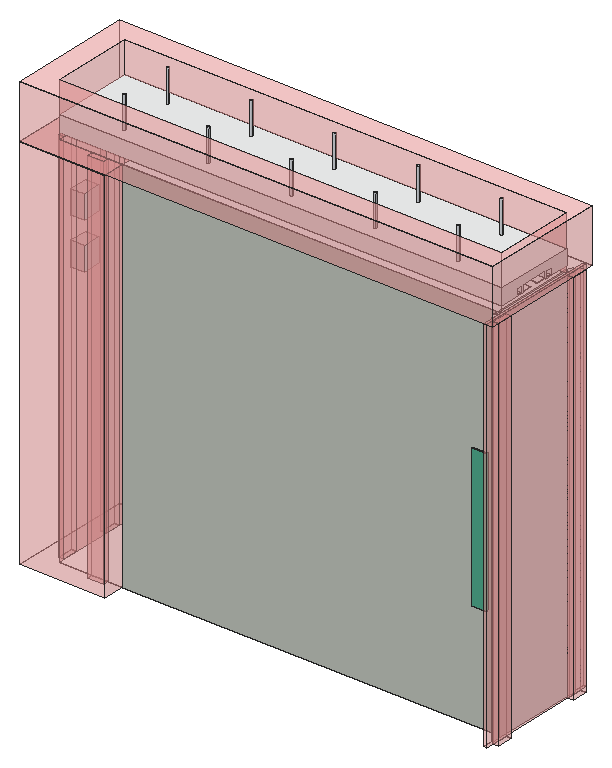
Revit family "Doors-Sliding_WON-DOOR_Fireguard-FG-Slim_Rods", category Doors, host Wall, Revit 2020 (continued)
Definition of nested family "Detal Item"
  Lines and regions (in)
    Masking region 6, in view "Ref. Level", detail levels medium+fine
      outline origin (0, 0, 0) x (1, 0, 0) y (0, 1, 0)
        loop
          line (8.875, 0) -> (-8.875, 0) -> (-8.875, -0.875) -> (-6.5, -0.875) -> (-6.5, -1) -> (6.5, -1) -> (6.5, -0.875) -> (8.875, -0.875) -> (8.875, 0)
    Masking region 7, in view "Ref. Level", detail levels fine
      outline origin (0, 0, 0) x (1, 0, 0) y (0, 1, 0)
        loop
          line (7.79708, -0.25) -> (7.79708, -0.125) -> (6.50728, -0.125) -> (6.50728, -0.75) -> (7.79708, -0.75) -> (7.79708, -0.625) -> (8.79708, -0.625) -> (8.79708, -0.25) -> (7.79708, -0.25)
        loop
          line (5.54141, -0.917) -> (6.37541, -0.917) -> (6.37541, -0.083) -> (5.54141, -0.083) -> (5.54141, -0.917)
        loop
          line (-5.52899, -0.917) -> (-5.52899, -0.083) -> (-6.36299, -0.083) -> (-6.36299, -0.917) -> (-5.52899, -0.917)
        loop
          line (-7.78465, -0.25) -> (-8.78465, -0.25) -> (-8.78465, -0.625) -> (-7.78465, -0.625) -> (-7.78465, -0.75) -> (-6.49485, -0.75) -> (-6.49485, -0.125) -> (-7.78465, -0.125) -> (-7.78465, -0.25)
    Masking region 8, in view "Ref. Level", visible <- "Open", detail levels coarse
      outline origin (0, 0, 0) x (1, 0, 0) y (0, 1, 0)
        loop
          line (-6.73133, -5.61617) -> (6.73133, -5.61617) -> (6.73133, -3.1268) -> (1.61783, -3.1268) -> (1.52454, -2.85467) -> (6.73133, -1.70934) -> (6.73133, -1) -> (-6.73133, -1) -> (-6.73133, -1.70934) -> (-1.52454, -2.85467) -> (-1.61783, -3.1268) -> (-6.73133, -3.1268) -> (-6.73133, -5.61617)
        loop
          line (-6.73133, -8.87367) -> (-6.73133, -14) -> (6.73133, -14) -> (6.73133, -8.87367) -> (-6.73133, -8.87367)
    Masking region 9, in view "Ref. Level", detail levels fine
      outline origin (0, 0, 0) x (1, 0, 0) y (0, 1, 0)
        loop
          line (-6.65934, -13.79106) -> (-5.74949, -13.71146) -> (-5.02955, -13.71146) -> (-4.27942, -13.90625) -> (-3.87303, -13.90625) -> (-3.12315, -13.71149) -> (-2.40305, -13.71149) -> (-1.59458, -13.78219) -> (-1.52454, -13.505) -> (-2.39941, -13.42846) -> (-3.12523, -13.42846) -> (-3.87473, -13.62312) -> (-4.27472, -13.62312) -> (-5.02485, -13.42836) -> (-5.75029, -13.42836) -> (-6.73345, -13.5145) -> (-6.65934, -13.79106)
        loop
          line (-6.65934, -13.27806) -> (-5.74949, -13.19846) -> (-5.02955, -13.19846) -> (-4.27942, -13.39325) -> (-3.87303, -13.39325) -> (-3.12315, -13.19849) -> (-2.40305, -13.19849) -> (-1.59458, -13.26919) -> (-1.52454, -12.992) -> (-2.39941, -12.91546) -> (-3.12523, -12.91546) -> (-3.87473, -13.11012) -> (-4.27472, -13.11012) -> (-5.02485, -12.91536) -> (-5.75029, -12.91536) -> (-6.73345, -13.0015) -> (-6.65934, -13.27806)
        loop
          line (-6.65722, -12.76074) -> (-5.74737, -12.68114) -> (-5.02743, -12.68114) -> (-4.2773, -12.87592) -> (-3.87091, -12.87592) -> (-3.12104, -12.68117) -> (-2.40093, -12.68117) -> (-1.59246, -12.75186) -> (-1.52242, -12.47468) -> (-2.39729, -12.39814) -> (-3.12311, -12.39814) -> (-3.87261, -12.5928) -> (-4.27261, -12.5928) -> (-5.02273, -12.39804) -> (-5.74818, -12.39804) -> (-6.73133, -12.48417) -> (-6.65722, -12.76074)
        loop
          line (-6.65722, -12.24398) -> (-5.74737, -12.16438) -> (-5.02743, -12.16438) -> (-4.2773, -12.35917) -> (-3.87091, -12.35917) -> (-3.12104, -12.16441) -> (-2.40093, -12.16441) -> (-1.59246, -12.2351) -> (-1.52242, -11.95792) -> (-2.39729, -11.88138) -> (-3.12311, -11.88138) -> (-3.87261, -12.07604) -> (-4.27261, -12.07604) -> (-5.02273, -11.88128) -> (-5.74818, -11.88128) -> (-6.73133, -11.96742) -> (-6.65722, -12.24398)
        loop
          line (-6.65722, -11.72598) -> (-5.74737, -11.64638) -> (-5.02743, -11.64638) -> (-4.2773, -11.84117) -> (-3.87091, -11.84117) -> (-3.12104, -11.64641) -> (-2.40093, -11.64641) -> (-1.59246, -11.71711) -> (-1.52242, -11.43992) -> (-2.39729, -11.36338) -> (-3.12311, -11.36338) -> (-3.87261, -11.55804) -> (-4.27261, -11.55804) -> (-5.02273, -11.36328) -> (-5.74818, -11.36328) -> (-6.73133, -11.44942) -> (-6.65722, -11.72598)
        loop
          line (-6.65722, -11.21221) -> (-5.74737, -11.1326) -> (-5.02743, -11.1326) -> (-4.2773, -11.32739) -> (-3.87091, -11.32739) -> (-3.12104, -11.13263) -> (-2.40093, -11.13263) -> (-1.59246, -11.20333) -> (-1.52242, -10.92614) -> (-2.39729, -10.8496) -> (-3.12311, -10.8496) -> (-3.87261, -11.04426) -> (-4.27261, -11.04426) -> (-5.02273, -10.8495) -> (-5.74818, -10.8495) -> (-6.73133, -10.93564) -> (-6.65722, -11.21221)
        loop
          line (-6.65722, -10.69658) -> (-5.74737, -10.61698) -> (-5.02743, -10.61698) -> (-4.2773, -10.81177) -> (-3.87091, -10.81177) -> (-3.12104, -10.61701) -> (-2.40093, -10.61701) -> (-1.59246, -10.6877) -> (-1.52242, -10.41052) -> (-2.39729, -10.33398) -> (-3.12311, -10.33398) -> (-3.87261, -10.52864) -> (-4.27261, -10.52864) -> (-5.02273, -10.33388) -> (-5.74818, -10.33388) -> (-6.73133, -10.42001) -> (-6.65722, -10.69658)
        loop
          line (-6.65722, -10.18096) -> (-5.74737, -10.10135) -> (-5.02743, -10.10135) -> (-4.2773, -10.29614) -> (-3.87091, -10.29614) -> (-3.12104, -10.10138) -> (-2.40093, -10.10138) -> (-1.59246, -10.17208) -> (-1.52242, -9.89489) -> (-2.39729, -9.81835) -> (-3.12311, -9.81835) -> (-3.87261, -10.01301) -> (-4.27261, -10.01301) -> (-5.02273, -9.81825) -> (-5.74818, -9.81825) -> (-6.73133, -9.90439) -> (-6.65722, -10.18096)
        loop
          line (-6.65722, -9.66533) -> (-5.74737, -9.58573) -> (-5.02743, -9.58573) -> (-4.2773, -9.78052) -> (-3.87091, -9.78052) -> (-3.12104, -9.58576) -> (-2.40093, -9.58576) -> (-1.59246, -9.65645) -> (-1.52242, -9.37927) -> (-2.39729, -9.30273) -> (-3.12311, -9.30273) -> (-3.87261, -9.49739) -> (-4.27261, -9.49739) -> (-5.02273, -9.30263) -> (-5.74818, -9.30263) -> (-6.73133, -9.38876) -> (-6.65722, -9.66533)
        loop
          line (-6.65722, -9.14971) -> (-5.74737, -9.0701) -> (-5.02743, -9.0701) -> (-4.2773, -9.26489) -> (-3.87091, -9.26489) -> (-3.12104, -9.07013) -> (-2.40093, -9.07013) -> (-1.59246, -9.14083) -> (-1.52242, -8.86364) -> (-2.39729, -8.7871) -> (-3.12311, -8.7871) -> (-3.87261, -8.98176) -> (-4.27261, -8.98176) -> (-5.02273, -8.787) -> (-5.74818, -8.787) -> (-6.73133, -8.87314) -> (-6.65722, -9.14971)
        loop
          line (6.65934, -13.79106) -> (6.73345, -13.5145) -> (5.75029, -13.42836) -> (5.02485, -13.42836) -> (4.27472, -13.62312) -> (3.87473, -13.62312) -> (3.12523, -13.42846) -> (2.39941, -13.42846) -> (1.52454, -13.505) -> (1.59458, -13.78219) -> (2.40305, -13.71149) -> (3.12315, -13.71149) -> (3.87303, -13.90625) -> (4.27942, -13.90625) -> (5.02955, -13.71146) -> (5.74949, -13.71146) -> (6.65934, -13.79106)
        loop
          line (6.65934, -13.27806) -> (6.73345, -13.0015) -> (5.75029, -12.91536) -> (5.02485, -12.91536) -> (4.27472, -13.11012) -> (3.87473, -13.11012) -> (3.12523, -12.91546) -> (2.39941, -12.91546) -> (1.52454, -12.992) -> (1.59458, -13.26919) -> (2.40305, -13.19849) -> (3.12315, -13.19849) -> (3.87303, -13.39325) -> (4.27942, -13.39325) -> (5.02955, -13.19846) -> (5.74949, -13.19846) -> (6.65934, -13.27806)
        loop
          line (6.65722, -12.76074) -> (6.73133, -12.48417) -> (5.74818, -12.39804) -> (5.02273, -12.39804) -> (4.27261, -12.5928) -> (3.87261, -12.5928) -> (3.12311, -12.39814) -> (2.39729, -12.39814) -> (1.52242, -12.47468) -> (1.59246, -12.75186) -> (2.40093, -12.68117) -> (3.12104, -12.68117) -> (3.87091, -12.87592) -> (4.2773, -12.87592) -> (5.02743, -12.68114) -> (5.74737, -12.68114) -> (6.65722, -12.76074)
        loop
          line (6.65722, -12.24398) -> (6.73133, -11.96742) -> (5.74818, -11.88128) -> (5.02273, -11.88128) -> (4.27261, -12.07604) -> (3.87261, -12.07604) -> (3.12311, -11.88138) -> (2.39729, -11.88138) -> (1.52242, -11.95792) -> (1.59246, -12.2351) -> (2.40093, -12.16441) -> (3.12104, -12.16441) -> (3.87091, -12.35917) -> (4.2773, -12.35917) -> (5.02743, -12.16438) -> (5.74737, -12.16438) -> (6.65722, -12.24398)
        loop
          line (6.65722, -11.72598) -> (6.73133, -11.44942) -> (5.74818, -11.36328) -> (5.02273, -11.36328) -> (4.27261, -11.55804) -> (3.87261, -11.55804) -> (3.12311, -11.36338) -> (2.39729, -11.36338) -> (1.52242, -11.43992) -> (1.59246, -11.71711) -> (2.40093, -11.64641) -> (3.12104, -11.64641) -> (3.87091, -11.84117) -> (4.2773, -11.84117) -> (5.02743, -11.64638) -> (5.74737, -11.64638) -> (6.65722, -11.72598)
        loop
          line (6.65722, -11.21221) -> (6.73133, -10.93564) -> (5.74818, -10.8495) -> (5.02273, -10.8495) -> (4.27261, -11.04426) -> (3.87261, -11.04426) -> (3.12311, -10.8496) -> (2.39729, -10.8496) -> (1.52242, -10.92614) -> (1.59246, -11.20333) -> (2.40093, -11.13263) -> (3.12104, -11.13263) -> (3.87091, -11.32739) -> (4.2773, -11.32739) -> (5.02743, -11.1326) -> (5.74737, -11.1326) -> (6.65722, -11.21221)
        loop
          line (6.65722, -10.69658) -> (6.73133, -10.42001) -> (5.74818, -10.33388) -> (5.02273, -10.33388) -> (4.27261, -10.52864) -> (3.87261, -10.52864) -> (3.12311, -10.33398) -> (2.39729, -10.33398) -> (1.52242, -10.41052) -> (1.59246, -10.6877) -> (2.40093, -10.61701) -> (3.12104, -10.61701) -> (3.87091, -10.81177) -> (4.2773, -10.81177) -> (5.02743, -10.61698) -> (5.74737, -10.61698) -> (6.65722, -10.69658)
        loop
          line (6.65722, -10.18096) -> (6.73133, -9.90439) -> (5.74818, -9.81825) -> (5.02273, -9.81825) -> (4.27261, -10.01301) -> (3.87261, -10.01301) -> (3.12311, -9.81835) -> (2.39729, -9.81835) -> (1.52242, -9.89489) -> (1.59246, -10.17208) -> (2.40093, -10.10138) -> (3.12104, -10.10138) -> (3.87091, -10.29614) -> (4.2773, -10.29614) -> (5.02743, -10.10135) -> (5.74737, -10.10135) -> (6.65722, -10.18096)
        loop
          line (6.65722, -9.66533) -> (6.73133, -9.38876) -> (5.74818, -9.30263) -> (5.02273, -9.30263) -> (4.27261, -9.49739) -> (3.87261, -9.49739) -> (3.12311, -9.30273) -> (2.39729, -9.30273) -> (1.52242, -9.37927) -> (1.59246, -9.65645) -> (2.40093, -9.58576) -> (3.12104, -9.58576) -> (3.87091, -9.78052) -> (4.2773, -9.78052) -> (5.02743, -9.58573) -> (5.74737, -9.58573) -> (6.65722, -9.66533)
        loop
          line (6.65722, -9.14971) -> (6.73133, -8.87314) -> (5.74818, -8.787) -> (5.02273, -8.787) -> (4.27261, -8.98176) -> (3.87261, -8.98176) -> (3.12311, -8.7871) -> (2.39729, -8.7871) -> (1.52242, -8.86364) -> (1.59246, -9.14083) -> (2.40093, -9.07013) -> (3.12104, -9.07013) -> (3.87091, -9.26489) -> (4.2773, -9.26489) -> (5.02743, -9.0701) -> (5.74737, -9.0701) -> (6.65722, -9.14971)
        loop
          line (-6.67153, -3.32003) -> (-6.74564, -3.59659) -> (-5.76249, -3.68273) -> (-5.03704, -3.68273) -> (-4.28692, -3.48797) -> (-3.88692, -3.48797) -> (-3.13742, -3.68263) -> (-2.4116, -3.68263) -> (-1.53673, -3.60609) -> (-1.60677, -3.32891) -> (-1.50328, -3.02703) -> (-2.37417, -2.91387) -> (-3.07731, -2.75924) -> (-3.76809, -2.40787) -> (-4.16499, -2.32058) -> (-4.9392, -2.34973) -> (-5.6425, -2.19506) -> (-6.5, -1.92632) -> (-6.5, -1) -> (-6.53303, -1) -> (-6.53303, -1.94215) -> (-5.65009, -2.21902) -> (-4.94158, -2.37484) -> (-4.16713, -2.34574) -> (-3.77647, -2.43166) -> (-3.08627, -2.78276) -> (-2.37739, -2.93867) -> (-1.53673, -3.0479) -> (-1.63388, -3.33128) -> (-2.41524, -3.3996) -> (-3.13535, -3.3996) -> (-3.88522, -3.20484) -> (-4.29161, -3.20484) -> (-5.04174, -3.39963) -> (-5.76168, -3.39963) -> (-6.67153, -3.32003)
        loop
          line (-6.67153, -3.83303) -> (-6.74564, -4.10959) -> (-5.76249, -4.19573) -> (-5.03704, -4.19573) -> (-4.28692, -4.00097) -> (-3.88692, -4.00097) -> (-3.13742, -4.19563) -> (-2.4116, -4.19563) -> (-1.53673, -4.11909) -> (-1.60677, -3.84191) -> (-2.41524, -3.9126) -> (-3.13535, -3.9126) -> (-3.88522, -3.71784) -> (-4.29161, -3.71784) -> (-5.04174, -3.91263) -> (-5.76168, -3.91263) -> (-6.67153, -3.83303)
        loop
          line (-6.66942, -4.35035) -> (-6.74352, -4.62692) -> (-5.76037, -4.71305) -> (-5.03493, -4.71305) -> (-4.2848, -4.51829) -> (-3.8848, -4.51829) -> (-3.13531, -4.71295) -> (-2.40948, -4.71295) -> (-1.53461, -4.63641) -> (-1.60466, -4.35923) -> (-2.41312, -4.42993) -> (-3.13323, -4.42993) -> (-3.88311, -4.23517) -> (-4.28949, -4.23517) -> (-5.03962, -4.42995) -> (-5.75957, -4.42995) -> (-6.66942, -4.35035)
        loop
          line (-6.66942, -4.86711) -> (-6.74352, -5.14368) -> (-5.76037, -5.22981) -> (-5.03493, -5.22981) -> (-4.2848, -5.03505) -> (-3.8848, -5.03505) -> (-3.13531, -5.22971) -> (-2.40948, -5.22971) -> (-1.53461, -5.15317) -> (-1.60466, -4.87599) -> (-2.41312, -4.94669) -> (-3.13323, -4.94669) -> (-3.88311, -4.75193) -> (-4.28949, -4.75193) -> (-5.03962, -4.94671) -> (-5.75957, -4.94671) -> (-6.66942, -4.86711)
        loop
          line (-6.66942, -5.38511) -> (-6.73133, -5.61617) -> (-5.69672, -5.70668) -> (-4.97678, -5.70668) -> (-4.22665, -5.51189) -> (-3.82026, -5.51189) -> (-3.07039, -5.70665) -> (-2.35028, -5.70665) -> (-1.54347, -5.6361) -> (-1.60466, -5.39399) -> (-2.41312, -5.46468) -> (-3.13323, -5.46468) -> (-3.88311, -5.26992) -> (-4.28949, -5.26992) -> (-5.03962, -5.46471) -> (-5.75957, -5.46471) -> (-6.66942, -5.38511)
        loop
          line (6.67153, -3.32003) -> (5.76168, -3.39963) -> (5.04174, -3.39963) -> (4.29161, -3.20484) -> (3.88522, -3.20484) -> (3.13535, -3.3996) -> (2.41524, -3.3996) -> (1.63388, -3.33128) -> (1.53673, -3.0479) -> (2.37739, -2.93867) -> (3.08627, -2.78276) -> (3.77647, -2.43166) -> (4.16713, -2.34574) -> (4.94158, -2.37484) -> (5.65009, -2.21902) -> (6.53303, -1.94215) -> (6.53303, -1) -> (6.5, -1) -> (6.5, -1.92632) -> (5.6425, -2.19506) -> (4.9392, -2.34973) -> (4.16499, -2.32058) -> (3.76809, -2.40787) -> (3.07731, -2.75924) -> (2.37417, -2.91387) -> (1.50328, -3.02703) -> (1.60677, -3.32891) -> (1.53673, -3.60609) -> (2.4116, -3.68263) -> (3.13742, -3.68263) -> (3.88692, -3.48797) -> (4.28692, -3.48797) -> (5.03704, -3.68273) -> (5.76249, -3.68273) -> (6.74564, -3.59659) -> (6.67153, -3.32003)
        loop
          line (6.67153, -3.83303) -> (5.76168, -3.91263) -> (5.04174, -3.91263) -> (4.29161, -3.71784) -> (3.88522, -3.71784) -> (3.13535, -3.9126) -> (2.41524, -3.9126) -> (1.60677, -3.84191) -> (1.53673, -4.11909) -> (2.4116, -4.19563) -> (3.13742, -4.19563) -> (3.88692, -4.00097) -> (4.28692, -4.00097) -> (5.03704, -4.19573) -> (5.76249, -4.19573) -> (6.74564, -4.10959) -> (6.67153, -3.83303)
        loop
          line (6.66942, -4.35035) -> (5.75957, -4.42995) -> (5.03962, -4.42995) -> (4.28949, -4.23517) -> (3.88311, -4.23517) -> (3.13323, -4.42993) -> (2.41312, -4.42993) -> (1.60466, -4.35923) -> (1.53461, -4.63641) -> (2.40948, -4.71295) -> (3.13531, -4.71295) -> (3.8848, -4.51829) -> (4.2848, -4.51829) -> (5.03493, -4.71305) -> (5.76037, -4.71305) -> (6.74352, -4.62692) -> (6.66942, -4.35035)
        loop
          line (6.66942, -4.86711) -> (5.75957, -4.94671) -> (5.03962, -4.94671) -> (4.28949, -4.75193) -> (3.88311, -4.75193) -> (3.13323, -4.94669) -> (2.41312, -4.94669) -> (1.60466, -4.87599) -> (1.53461, -5.15317) -> (2.40948, -5.22971) -> (3.13531, -5.22971) -> (3.8848, -5.03505) -> (4.2848, -5.03505) -> (5.03493, -5.22981) -> (5.76037, -5.22981) -> (6.74352, -5.14368) -> (6.66942, -4.86711)
        loop
          line (6.66942, -5.38511) -> (5.75957, -5.46471) -> (5.03962, -5.46471) -> (4.28949, -5.26992) -> (3.88311, -5.26992) -> (3.13323, -5.46468) -> (2.41312, -5.46468) -> (1.60466, -5.39399) -> (1.54347, -5.6361) -> (2.35028, -5.70665) -> (3.07039, -5.70665) -> (3.82026, -5.51189) -> (4.22665, -5.51189) -> (4.97678, -5.70668) -> (5.69672, -5.70668) -> (6.73133, -5.61617) -> (6.66942, -5.38511)
    Masking region 10, in view "Ref. Level", visible <- "Wall Construction With Pocket"
      outline origin (0, 0, 0) x (1, 0, 0) y (0, 1, 0)
        loop
          line (-9, 0) -> (-18.5625, 0) -> (-18.5625, -4.875) -> (-13.875, -4.875) -> (-13.875, -18.875) -> (13.875, -18.875) -> (13.875, -4.875) -> (18.5625, -4.875) -> (18.5625, 0) -> (9, 0) -> (9, -14) -> (-9, -14) -> (-9, 0)
    Masking region 11, in view "Ref. Level", visible <- "Backing Profile With Pocket"
      outline origin (0, 0, 0) x (1, 0, 0) y (0, 1, 0)
        loop
          line (-7.75, -15.25) -> (-4.125, -15.25) -> (-4.125, -14) -> (-7.75, -14) -> (-7.75, -15.25)
        loop
          line (7.75, -15.25) -> (7.75, -14) -> (4.125, -14) -> (4.125, -15.25) -> (7.75, -15.25)
        loop
          line (12, -0.625) -> (12, -4.25) -> (13.25, -4.25) -> (13.25, -0.625) -> (12, -0.625)
        loop
          line (-12, -0.625) -> (-13.25, -0.625) -> (-13.25, -4.25) -> (-12, -4.25) -> (-12, -0.625)
    detail lines, in view "Ref. Level", visible <- "Open", detail levels coarse+fine
      curve 1: line (-6.73133, -5.61617, 0) -> (-6.73133, -8.87261, 0)
      curve 2: line (6.73133, -5.61617, 0) -> (6.73133, -8.87367, 0)
    detail lines, in view "Ref. Level", detail levels medium
      curve 3: line (-6.73133, -5.61617, 0) -> (-6.73133, -8.96695, 0)
      curve 4: line (6.73133, -5.61617, 0) -> (6.73133, -8.96695, 0)
    detail lines, in view "Ref. Level", visible <- "Wall Construction Without Pocket"
      curve 5: line (-13.875, 0, 0) -> (-13.875, -18.875, 0)
      curve 6: line (-9, 0, 0) -> (-9, -14, 0)
      curve 7: line (-13.875, -18.875, 0) -> (13.875, -18.875, 0)
      curve 8: line (13.875, -18.875, 0) -> (13.875, 0, 0)
      curve 9: line (9, -14, 0) -> (9, 0, 0)
      curve 10: line (-6.73133, -14, 0) -> (6.73133, -14, 0)
      curve 11: line (13.875, 0, 0) -> (9, 0, 0)
      curve 12: line (-9, 0, 0) -> (-13.875, 0, 0)
    detail lines, in view "Ref. Level", visible <- "Backing Profile Without Pocket"
      curve 13: line (-9, -3.125, 0) -> (-10.25, -3.125, 0)
      curve 14: line (-10.25, -3.125, 0) -> (-10.25, -6.75, 0)
      curve 15: line (-10.25, -6.75, 0) -> (-9, -6.75, 0)
      curve 16: line (-9, -6.75, 0) -> (-9, -3.125, 0)
      curve 17: line (-7.75, -15.25, 0) -> (-4.125, -15.25, 0)
      curve 18: line (-4.125, -15.25, 0) -> (-4.125, -14, 0)
      curve 19: line (-7.75, -14, 0) -> (-7.75, -15.25, 0)
      curve 20: line (-4.125, -14, 0) -> (-7.75, -14, 0)
      curve 21: line (4.125, -15.25, 0) -> (7.75, -15.25, 0)
      curve 22: line (7.75, -15.25, 0) -> (7.75, -14, 0)
      curve 23: line (4.125, -14, 0) -> (4.125, -15.25, 0)
      curve 24: line (7.75, -14, 0) -> (4.125, -14, 0)
      curve 25: line (10.25, -6.75, 0) -> (10.25, -3.125, 0)
      curve 26: line (10.25, -3.125, 0) -> (9, -3.125, 0)
      curve 27: line (9, -6.75, 0) -> (10.25, -6.75, 0)
      curve 28: line (9, -3.125, 0) -> (9, -6.75, 0)
    detail lines, in view "Ref. Level", visible <- "Wall Construction With Pocket"
      curve 29: line (-18.5625, 0, 0) -> (-18.5625, -4.875, 0)
      curve 30: line (-18.5625, -4.875, 0) -> (-13.875, -4.875, 0)
      curve 31: line (-13.875, -4.875, 0) -> (-13.875, -18.875, 0)
      curve 32: line (-13.875, -18.875, 0) -> (13.875, -18.875, 0)
      curve 33: line (13.875, -18.875, 0) -> (13.875, -4.875, 0)
      curve 34: line (13.875, -4.875, 0) -> (18.5625, -4.875, 0)
      curve 35: line (18.5625, -4.875, 0) -> (18.5625, 0, 0)
      curve 36: line (9, 0, 0) -> (9, -14, 0)
      curve 37: line (9, -14, 0) -> (-9, -14, 0)
      curve 38: line (-9, -14, 0) -> (-9, 0, 0)
      curve 39: line (-9, 0, 0) -> (-18.5625, 0, 0)
      curve 40: line (18.5625, 0, 0) -> (9, 0, 0)
    detail lines, in view "Ref. Level", visible <- "Backing Profile With Pocket"
      curve 41: line (-12, -4.25, 0) -> (-12, -0.625, 0)
      curve 42: line (-13.25, -0.625, 0) -> (-13.25, -4.25, 0)
      curve 43: line (-13.25, -4.25, 0) -> (-12, -4.25, 0)
      curve 44: line (-12, -0.625, 0) -> (-13.25, -0.625, 0)
      curve 45: line (-7.75, -14, 0) -> (-7.75, -15.25, 0)
      curve 46: line (-4.125, -14, 0) -> (-7.75, -14, 0)
      curve 47: line (-4.125, -15.25, 0) -> (-4.125, -14, 0)
      curve 48: line (-7.75, -15.25, 0) -> (-4.125, -15.25, 0)
      curve 49: line (7.75, -14, 0) -> (4.125, -14, 0)
      curve 50: line (4.125, -15.25, 0) -> (7.75, -15.25, 0)
      curve 51: line (4.125, -14, 0) -> (4.125, -15.25, 0)
      curve 52: line (7.75, -15.25, 0) -> (7.75, -14, 0)
      curve 53: line (12, -4.25, 0) -> (13.25, -4.25, 0)
      curve 54: line (13.25, -0.625, 0) -> (12, -0.625, 0)
      curve 55: line (12, -0.625, 0) -> (12, -4.25, 0)
      curve 56: line (13.25, -4.25, 0) -> (13.25, -0.625, 0)
  Dimensions and locks (in)
    aligned and locked: Masking region 1 sketch curve to plane 1 "Center (Front/Back)"
    aligned and locked: curve 5 to Masking region 1
    aligned and locked: curve 6 to Masking region 3
    aligned and locked: curve 7 to Masking region 1
    aligned and locked: curve 8 to Masking region 1
    aligned and locked: curve 9 to Masking region 3
    aligned and locked: curve 10 to Masking region 8
    aligned and locked: curve 11 to Masking region 1
    aligned and locked: curve 12 to Masking region 1
    aligned and locked: curve 13 to Masking region 2
    aligned and locked: curve 14 to Masking region 2
    aligned and locked: curve 15 to Masking region 2
    aligned and locked: curve 16 to Masking region 2
    aligned and locked: curve 17 to Masking region 2
    aligned and locked: curve 18 to Masking region 2
    aligned and locked: curve 19 to Masking region 2
    aligned and locked: curve 20 to Masking region 2
    aligned and locked: curve 21 to Masking region 2
    aligned and locked: curve 22 to Masking region 2
    aligned and locked: curve 23 to Masking region 2
    aligned and locked: curve 24 to Masking region 2
    aligned and locked: curve 25 to Masking region 2
    aligned and locked: curve 26 to Masking region 2
    aligned and locked: curve 27 to Masking region 2
    aligned and locked: curve 28 to Masking region 2
    aligned and locked: curve 29 to Masking region 10
    aligned and locked: curve 30 to Masking region 10
    aligned and locked: curve 31 to Masking region 10
    aligned and locked: curve 32 to Masking region 10
    aligned and locked: curve 33 to Masking region 10
    aligned and locked: curve 34 to Masking region 10
    aligned and locked: curve 35 to Masking region 10
    aligned and locked: curve 36 to Masking region 10
    aligned and locked: curve 37 to Masking region 10
    aligned and locked: curve 38 to Masking region 10
    aligned and locked: curve 39 to Masking region 10
    aligned and locked: curve 40 to Masking region 10
    aligned and locked: curve 41 to Masking region 11
    aligned and locked: curve 42 to Masking region 11
    aligned and locked: curve 43 to Masking region 11
    aligned and locked: curve 44 to Masking region 11
    aligned and locked: curve 45 to Masking region 11
    aligned and locked: curve 46 to Masking region 11
    aligned and locked: curve 47 to Masking region 11
    aligned and locked: curve 48 to Masking region 11
    aligned and locked: curve 49 to Masking region 11
    aligned and locked: curve 50 to Masking region 11
    aligned and locked: curve 51 to Masking region 11
    aligned and locked: curve 52 to Masking region 11
    aligned and locked: curve 53 to Masking region 11
    aligned and locked: curve 54 to Masking region 11
    aligned and locked: curve 55 to Masking region 11
    aligned and locked: curve 56 to Masking region 11
Types (3): name | Rough Height | Height
  (no name) | 8' - 0" | 7' - 0"
  Height 7'-0" | 8' - 0" | 7' - 0"
  Height 8'-0" | 9' - 0" | 8' - 0"
